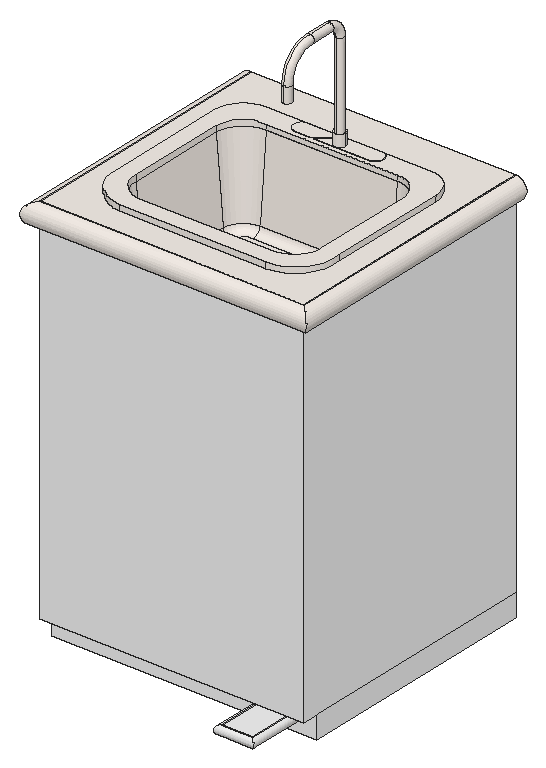
Revit family "Casework_with_sink_and_foot-control_3813", category Сантехнические приборы, Revit 2017
Family settings
  Размер круглого соединителя = Использовать диаметр
  Тип детали = Нормальный
  На основе рабочей плоскости = Нет
  Всегда вертикально = Да
  При загрузке вырезать с полостями = Нет
  Общий = Да
  Точка расчета площади = Нет
Parameters (values of type "500 x 440mm")
  Ключевая пометка = "N13/180"
  Basin Material = Porcelain - Linen
  Counter Height = 900.00 mm
  Depth = 440.00 mm
  Fixture Material = Metal - Chrome, Polished
  Width = 500.00 mm
Reference planes
  plane 1 "Center (Front/Back)": y = 5.52
  plane 2: z = 0
  plane 3 "Center (Left/Right)": x = 15.689
  plane 4: y = 180.145
  plane 5: y = -259.855
  plane 6: x = -234.311
  plane 7: x = 265.689
  plane 8 "Top Of Counter": z = 900
  plane 9: z = 912.7
  plane 10: z = 684.1
  plane 11: y = 132.52
  plane 12: x = -196.211
  plane 13: y = -221.755
  plane 14: x = 227.589
  plane 15: y = 156.333
  plane 16: y = 156.333
  plane 17: z = 1163.525
  plane 18: y = 7.108
  plane 19: z = 976.2
  plane 20: z = 938.1
  plane 21: y = 161.095
  plane 22: x = -47.811
  plane 23: x = 66.489
  plane 24: z = 850
Forms (mm)
  Extrusion 1, solid, material "Porcelain - Linen" <- "Basin Material"
    sketch origin (0, 0, 0) x (1, 0, 0) y (0, 1, 0)
      loop
        arc (181.339, -259.855) -> (246.052, -227.766) -> (265.689, -158.255) r 89.057
        line (265.689, -158.255) -> (265.689, 116.645)
        arc (265.689, 116.645) -> (247.091, 161.547) -> (202.189, 180.145) r 63.5
        line (202.189, 180.145) -> (-170.811, 180.145)
        arc (-170.811, 180.145) -> (-215.712, 161.547) -> (-234.311, 116.645) r 63.5
        line (-234.311, 116.645) -> (-234.311, -158.255)
        arc (-234.311, -158.255) -> (-214.674, -227.766) -> (-149.961, -259.855) r 89.057
        line (-149.961, -259.855) -> (181.339, -259.855)
      loop
        arc (-132.711, 132.52) -> (-177.612, 113.922) -> (-196.211, 69.02) r 63.5
        line (-196.211, 69.02) -> (-196.211, -158.255)
        arc (-196.211, -158.255) -> (-177.612, -203.156) -> (-132.711, -221.755) r 63.5
        line (-132.711, -221.755) -> (164.089, -221.755)
        arc (164.089, -221.755) -> (208.991, -203.156) -> (227.589, -158.255) r 63.5
        line (227.589, -158.255) -> (227.589, 69.02)
        arc (227.589, 69.02) -> (208.991, 113.922) -> (164.089, 132.52) r 63.5
        line (164.089, 132.52) -> (-132.711, 132.52)
    from 900 to 912.7
  Sweep 2, solid, material "Porcelain - Linen" <- "Basin Material"
    path origin (0, 0, 0) x (1, 0, 0) y (0, 1, 0)
      loop
        arc (-132.711, 132.52) -> (-177.612, 113.922) -> (-196.211, 69.02) r 63.5
        line (-196.211, 69.02) -> (-196.211, -158.255)
        arc (-196.211, -158.255) -> (-177.612, -203.156) -> (-132.711, -221.755) r 63.5
        line (-132.711, -221.755) -> (164.089, -221.755)
        arc (164.089, -221.755) -> (208.991, -203.156) -> (227.589, -158.255) r 63.5
        line (227.589, -158.255) -> (227.589, 69.02)
        arc (227.589, 69.02) -> (208.991, 113.922) -> (164.089, 132.52) r 63.5
        line (164.089, 132.52) -> (-132.711, 132.52)
    profile origin (15.689, 0, 0) x (0, 1, 0) y (0, 0, 1)
      loop
        line (132.52, 900) -> (115.986, 711.015)
        arc (115.986, 711.015) -> (109.879, 698.63) -> (97.009, 693.625) r 19.05
        line (97.009, 693.625) -> (94.42, 693.625) -> (94.42, 684.1) -> (138.87, 684.1) -> (138.87, 900) -> (132.52, 900)
  Extrusion 3, solid, material "Porcelain - Linen" <- "Basin Material"
    sketch origin (0, 0, 0) x (1, 0, 0) y (0, 1, 0)
      loop
        arc (-132.711, 94.42) -> (-150.671, 86.981) -> (-158.111, 69.02) r 25.4
        line (-158.111, 69.02) -> (-158.111, -158.255)
        arc (-158.111, -158.255) -> (-150.671, -176.215) -> (-132.711, -183.655) r 25.4
        line (-132.711, -183.655) -> (164.089, -183.655)
        arc (164.089, -183.655) -> (182.05, -176.215) -> (189.489, -158.255) r 25.4
        line (189.489, -158.255) -> (189.489, 69.02)
        arc (189.489, 69.02) -> (182.05, 86.981) -> (164.089, 94.42) r 25.4
        line (164.089, 94.42) -> (-132.711, 94.42)
      loop
        circle (15.689, 3.175) r 25.4
    from 684.1 to 693.625
  Sweep 4, solid, material "Porcelain - Linen" <- "Basin Material"
    path origin (15.689, 0, 0) x (0, 1, 0) y (0, 0, 1)
      loop
        line (156.333, 912.7) -> (156.333, 1133.363)
        arc (156.333, 1133.363) -> (147.499, 1154.691) -> (126.17, 1163.525) r 30.163
        line (126.17, 1163.525) -> (70.608, 1163.525)
        arc (70.608, 1163.525) -> (25.707, 1144.926) -> (7.108, 1100.025) r 63.5
        line (7.108, 1100.025) -> (7.108, 1065.1)
    profile origin (15.689, 0, 1023.031) x (0, -1, 0) y (1, 0, 0)
      loop
        circle (-156.333, 0) r 9.525
  Extrusion 5, solid, material "Porcelain - Linen" <- "Basin Material"
    sketch origin (0, 0, 0) x (1, 0, 0) y (0, 1, 0)
      loop
        circle (15.689, 156.333) r 12.7
    from 912.7 to 938.1
  Extrusion 6, solid, material "Porcelain - Linen" <- "Basin Material"
    sketch origin (0, 0, 0) x (1, 0, 0) y (0, 1, 0)
      loop
        arc (-73.211, 180.145) -> (-92.261, 161.095) -> (-73.211, 142.045) r 19.05
        line (-73.211, 142.045) -> (91.889, 142.045)
        arc (91.889, 142.045) -> (110.939, 161.095) -> (91.889, 180.145) r 19.05
        line (91.889, 180.145) -> (-73.211, 180.145)
    from 912.7 to 775.2
  Extrusion 7, solid, material "Porcelain - Linen" <- "Basin Material"
    sketch origin (-265.261, -300.805, 750) x (0, 1, 0) y (-1, 0, 0)
      loop
        line (580.95, 19.05) -> (-19.05, 19.05) -> (-19.05, -580.95) -> (580.95, -580.95) -> (580.95, 19.05)
      loop
        line (72.7, -132.55) -> (72.7, -429.35)
        arc (72.7, -429.35) -> (93.159, -478.741) -> (142.55, -499.2) r 69.85
        line (142.55, -499.2) -> (369.825, -499.2)
        arc (369.825, -499.2) -> (419.216, -478.741) -> (439.675, -429.35) r 69.85
        line (439.675, -429.35) -> (439.675, -132.55)
        arc (439.675, -132.55) -> (419.216, -83.159) -> (369.825, -62.7) r 69.85
        line (369.825, -62.7) -> (142.55, -62.7)
        arc (142.55, -62.7) -> (93.159, -83.159) -> (72.7, -132.55) r 69.85
    from 100 to 150
  Sweep 8, solid, material "Porcelain - Linen" <- "Basin Material"
    path origin (-265.261, -300.805, 900) x (0, 1, 0) y (-1, 0, 0)
      loop
        line (580.95, 19.05) -> (-19.05, 19.05) -> (-19.05, -580.95) -> (580.95, -580.95)
    profile origin (315.689, -19.855, 900) x (-1, 0, 0) y (0, 0, 1)
      loop
        arc (0, 0) -> (-25, -25) -> (0, -50) r 25
        line (0, -50) -> (0, 0)
  Extrusion 9, solid, material "Metal - Chrome, Polished" <- "Fixture Material"
    sketch origin (-284.311, -284.855, 50) x (0, 0, -1) y (1, 0, 0)
      loop
        line (10, 480.95) -> (30, 480.95) -> (30, 550.95) -> (10, 550.95) -> (10, 480.95)
    from 0 to 120
  Sweep 10, solid, material "Metal - Chrome, Polished" <- "Fixture Material"
    path origin (196.639, -284.855, 40) x (1, 0, 0) y (0, 1, 0)
      loop
        line (0, 0) -> (0, -120) -> (70, -120) -> (70, 0)
    profile origin (266.639, -344.855, 40) x (-1, 0, 0) y (0, 0, 1)
      loop
        arc (0, 0) -> (-10, -10) -> (0, -20) r 10
        line (0, -20) -> (0, 0)
  Extrusion 11, solid, material "EQ-Cozinha-Armarios"
    sketch origin (0, 0, 0) x (1, 0, 0) y (0, 1, 0)
      loop
        line (315.689, -284.855) -> (315.689, 280.145) -> (-284.311, 280.145) -> (-284.311, -284.855) -> (315.689, -284.855)
    from 0 to 50
  Extrusion 12, solid, material "EQ-Cozinha-Armarios"
    sketch origin (0, 0, 0) x (1, 0, 0) y (0, 1, 0)
      loop
        line (315.689, -319.855) -> (315.689, 280.145) -> (-284.311, 280.145) -> (-284.311, -319.855) -> (315.689, -319.855)
      loop
        line (-274.311, 270.145) -> (-274.311, -259.855) -> (305.689, -259.855) -> (305.689, 270.145) -> (-274.311, 270.145)
    from 50 to 850
Cuts and joins
  joined: Sweep 4, Extrusion 5, Extrusion 6
  joined: Sweep 2, Extrusion 3
Dimensions and locks
  equal spacing: plane 6, plane 3 "Center (Left/Right)", plane 7
  "Width": plane 6 to plane 7
  "Depth": plane 5 to plane 4
  "Counter Height": plane 8 "Top Of Counter" to plane 2
  locked: plane 9 to plane 8 "Top Of Counter" at 12.7
  locked: plane 8 "Top Of Counter" to plane 10 at 215.9
  locked: plane 6 to plane 12 at 38.1
  locked: plane 14 to plane 7 at 38.1
  locked: plane 5 to plane 13 at 38.1
  equal spacing: plane 11, plane 15, plane 4
  equal spacing: plane 4, plane 16, plane 11
  locked: plane 16 to plane 18 at 149.225
  locked: plane 17 to plane 9 at 250.825
  locked: plane 19 to plane 9 at 63.5
  locked: plane 20 to plane 9 at 25.4
  locked: plane 1 "Center (Front/Back)" to plane 4 at 174.625
  plane 21 to plane 4 = 19.05 mm
  locked: plane 22 to plane 3 "Center (Left/Right)" at 63.5
  locked: plane 3 "Center (Left/Right)" to plane 23 at 50.8
  locked: Sweep 8 to plane 6 at 50
  locked: plane 7 to Sweep 8 at 50
  locked: plane 4 to Extrusion 7 at 100
  locked: Extrusion 12 sketch curve to plane 5 at 60
  locked: plane 8 "Top Of Counter" to plane 24 at 50
  aligned and locked: Extrusion 1 sketch curve to plane 5
  aligned and locked: plane 8 "Top Of Counter" to Extrusion 1
  aligned and locked: Extrusion 1 to plane 9
  aligned and locked: plane 11 to Extrusion 1 sketch curve
  aligned and locked: plane 14 to Extrusion 1 sketch curve
  aligned and locked: Extrusion 1 sketch curve to plane 12
  aligned and locked: Extrusion 1 sketch curve to plane 13
  aligned and locked: plane 11 to Sweep 2 sketch curve
  aligned and locked: plane 14 to Sweep 2 sketch curve
  aligned and locked: Sweep 2 sketch curve to plane 12
  aligned and locked: Sweep 2 sketch curve to plane 13
  aligned and locked: Sweep 2 to Extrusion 3 sketch curve  (x4)
  aligned and locked: Sweep 2 to Extrusion 3
  aligned and locked: plane 10 to Extrusion 3
  aligned and locked: Sweep 2 sketch curve to plane 10
  aligned and locked: plane 8 "Top Of Counter" to Sweep 2 sketch curve
  aligned and locked: Extrusion 5 to Extrusion 1
  aligned and locked: Sweep 4 sketch curve to plane 16
  aligned and locked: plane 17 to Sweep 4 sketch curve
  aligned and locked: plane 18 to Sweep 4 sketch curve
  aligned and locked: Extrusion 5 to plane 20
  aligned and locked: Extrusion 6 to Extrusion 1
  aligned and locked: Extrusion 7 to plane 8 "Top Of Counter"
  aligned and locked: Extrusion 12 to Extrusion 7
  aligned and locked: Extrusion 12 to Extrusion 11
  aligned and locked: plane 24 to Sweep 8
  aligned and locked: plane 24 to Extrusion 7
Automatic sketch dimensions
  Sweep 2 sketch curve to plane 12 = 63.50 mm
  Sweep 2 sketch curve to Sweep 2 sketch curve = 63.50 mm
  plane 11 to Sweep 2 sketch curve = 63.50 mm
  plane 14 to Sweep 2 sketch curve = 63.50 mm
  Sweep 2 sketch curve to profile plane = 0.00 mm
  profile plane to Sweep 2 sketch curve = 16.534 mm
  Sweep 2 sketch curve to Sweep 2 sketch curve = 18.978 mm
  Sweep 2 sketch curve to Sweep 2 sketch curve = 2.588 mm
  Sweep 2 sketch curve to profile plane = 6.35 mm
  Sweep 2 sketch curve to Sweep 2 sketch curve = 9.525 mm
  Sweep 2 sketch curve to Sweep 2 sketch curve = 17.39 mm
  Sweep 4 sketch curve to plane 3 "Center (Left/Right)" = 0.00 mm
  Sweep 4 sketch curve to profile plane = 0.00 mm
  profile plane to Sweep 4 sketch curve = 9.525 mm
  Extrusion 5 sketch curve to plane 15 = 0.00 mm
  Extrusion 5 sketch curve to plane 3 "Center (Left/Right)" = 0.00 mm
  Extrusion 5 sketch curve to plane 3 "Center (Left/Right)" = 12.70 mm
  Sweep 4 sketch curve to plane 9 = 0.00 mm
  Sweep 4 sketch curve to Sweep 4 sketch curve = 63.50 mm
  plane 11 to Sweep 4 sketch curve = 6.35 mm
  Sweep 4 sketch curve to Sweep 4 sketch curve = 34.925 mm
  Extrusion 3 sketch curve to plane 3 "Center (Left/Right)" = 0.00 mm
  Extrusion 3 sketch curve to Extrusion 3 sketch curve = 25.40 mm  (x4)
  plane 1 "Center (Front/Back)" to Extrusion 3 sketch curve = 2.345 mm
  Extrusion 3 sketch curve to plane 1 "Center (Front/Back)" = 63.50 mm
  Extrusion 6 sketch curve to plane 21 = 0.00 mm
  plane 22 to Extrusion 6 sketch curve = 25.40 mm
  plane 4 to Extrusion 6 sketch curve = 0.00 mm
  plane 3 "Center (Left/Right)" to Extrusion 6 sketch curve = 76.20 mm
  Extrusion 1 sketch curve to plane 6 = 0.00 mm
  Extrusion 1 sketch curve to plane 4 = 0.00 mm
  Extrusion 1 sketch curve to plane 7 = 0.00 mm
  plane 11 to Extrusion 1 sketch curve = 15.875 mm
  Extrusion 1 sketch curve to Extrusion 1 sketch curve = 38.10 mm
  Extrusion 1 sketch curve to plane 12 = 46.25 mm
  Extrusion 1 sketch curve to Extrusion 1 sketch curve = 50.057 mm
  Extrusion 1 sketch curve to Extrusion 1 sketch curve = 17.25 mm  (x2)
  Extrusion 1 sketch curve to Extrusion 1 sketch curve = 63.50 mm  (x2)
  Extrusion 1 sketch curve to Extrusion 1 sketch curve = 13.443 mm
  plane 14 to Extrusion 1 sketch curve = 25.40 mm
  Extrusion 1 sketch curve to Extrusion 1 sketch curve = 12.625 mm  (x2)
  Extrusion 7 sketch curve to Extrusion 7 sketch curve = 91.75 mm
  Extrusion 7 sketch curve to Extrusion 7 sketch curve = 69.85 mm  (x4)
  Extrusion 7 sketch curve to Extrusion 7 sketch curve = 141.275 mm
  Extrusion 7 sketch curve to Extrusion 7 sketch curve = 151.60 mm
  Sweep 8 sketch curve to Extrusion 7 = 0.00 mm  (x5)
  Sweep 8 sketch curve to profile plane = 0.00 mm  (x2)
  Sweep 8 sketch curve to profile plane = 25.00 mm
  Extrusion 9 sketch curve to Extrusion 9 sketch curve = 70.00 mm
  Sweep 10 sketch curve to Extrusion 9 = 0.00 mm  (x5)
  Sweep 10 sketch curve to profile plane = 0.00 mm  (x2)
  Sweep 10 sketch curve to profile plane = 10.00 mm
  Extrusion 11 sketch curve to plane 7 = 50.00 mm
  plane 5 to Extrusion 11 sketch curve = 25.00 mm
  plane 6 to Extrusion 11 sketch curve = 50.00 mm
  Extrusion 11 sketch curve to plane 4 = 100.00 mm
  Extrusion 12 sketch curve to plane 7 = 50.00 mm
  plane 6 to Extrusion 12 sketch curve = 50.00 mm
  Extrusion 12 sketch curve to plane 4 = 100.00 mm
  plane 5 to Extrusion 7 sketch curve = 60.00 mm
  plane 12 to Extrusion 7 sketch curve = 6.35 mm
  Extrusion 7 sketch curve to plane 1 "Center (Front/Back)" = 63.50 mm
  plane 14 to Extrusion 7 sketch curve = 63.50 mm
  plane 6 to Extrusion 7 sketch curve = 50.00 mm
  Extrusion 9 sketch curve to plane 7 = 0.95 mm
  level to Extrusion 9 sketch curve = 40.00 mm
  level to Extrusion 9 sketch curve = 20.00 mm
  Extrusion 12 sketch curve to Extrusion 12 sketch curve = 60.00 mm
  Extrusion 12 sketch curve to Extrusion 12 sketch curve = 10.00 mm  (x3)
